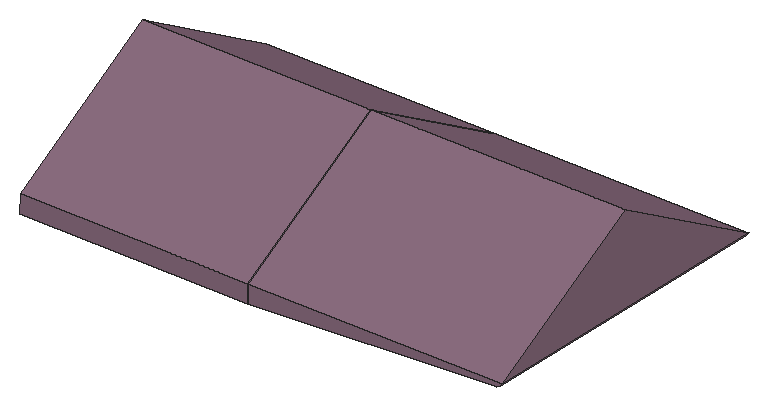
Revit family "NBS_TapcoRoofingProducts_RcnstttdSltCrsngFitngs_TapcoSlate_ClassicRidgeEndCap", category Generic Models, Revit 2019
Family settings
  Can host rebar = No
  Round Connector Dimension = Use Diameter
  Part Type = Normal
  Cut with Voids When Loaded = No
  Shared = No
  Room Calculation Point = No
Parameters (values of type "TapcoSlate_ClassicRidgeEndCap_706Plum_30To34DegPitch")
  WarrantyStartDate [instance] = "1900-12-31T23:59:59"
  WarrantyGuarantorParts = "n/a"
  WarrantyGuarantorLabor = "n/a"
  WarrantyDurationUnit = "year"
  WarrantyDurationParts = "n/a"
  WarrantyDurationLabor = "n/a"
  WarrantyDescription = "40-years"
  Version = "1"  # constant formula
  Uniclass2015Version = "Products v1.20"
  Uniclass2015Title = "Reconstituted slate coursing fittings"
  Uniclass2015Code = "Pr_25_93_72_73"
  ThermalTransmittance = 0
  TagNumber [instance] = "n/a"
  SustainabilityPerformance = "n/a"
  SurfaceSpreadOfFlame = "n/a"
  Status = "UNSET"
  Size = "70 x 445 x 290 mm"
  Shape = "Rectangular"
  SerialNumber [instance] = "n/a"
  Revision = "n/a"
  ReplacementCost = "n/a"
  Reference = "n/a"
  ProductInformation = "https://www.tapcoroofingproducts.com/product/tapcoslate-classic-ridge-end-cap/"
  PitchRange = "30° - 34°"
  NominalWidth = 290 mm
  NominalLength = 445 mm
  NominalHeight = 70 mm
  Name = "ReconstitutedSlatesCoursingFittings_TapcoSlate_ClassicRidgeEndCap_706Plum_30To34DegPitch_TapcoRoofingProducts"
  NBSReference = "45-80-90/388"
  NBSDescription = "Reconstituted slates coursing fittings"
  NBSCertification = "www.nationalbimlibrary.com/cert/mlktdb3y"
  ModelReference = "TapcoSlate_ClassicRidgeEndCap_706Plum_30To34DegPitch"
  ModelNumber = "706"
  Material = "Virgin limestone, polypropylene"
  ManufacturerURL = "www.tapcoroofingproducts.com"
  ManufacturerName = "Tapco Roofing Products"  # constant formula
  Manufacturer = "international@tapcoint.com"
  built-in parameter 1001306 [instance] = 445 mm  # constant formula
  IsExternal = yes
  InstallationDate [instance] = "1900-12-31T23:59:59"
  IfcExportType = "ROOFING"  # constant formula
  IfcExportAs = "IfcCoveringType"  # constant formula
  Grade = "n/a"
  FragilityRating = "n/a"
  FlammabilityRating = "BS476 Part 3, Boarded Roof SAA, Battened Roof SAC"
  Fittings = "n/a"
  FireRating = "BS476 Part 3, Boarded Roof SAA, Battened Roof SAC"
  Finish = "n/a"
  Features = "Lightweight – as low as 12 kg per square metre, easy to install with pre-marked nailing guides and spacers, easily cut with a fine-toothed saw or sharp utility blade, mechanically fixed"
  ExpectedLife = "80+ years"
  EndCapPitchAngle = 30.00°
  DurationUnit = "year"
  Description = "A dry-fix ridge 90° end cap to weather seal and finish the roof line at the end of the ridge, manufactured in the same material as our Tapco Slate Classic product to match the roof slate"
  Constituents = "n/a"
  Combustible = yes
  Colour = "Plum"
  Color = "Plum"
  CodePerformance = "Fully tested to BBA, ETA and CE standards"
  ClassicRidgeEndCapMaterial = NBS_TapcoRoofingProducts_Slate_706Plum
  ClassicRidgeEndCapHeight = 98 mm  # constant formula
  Category = "Pr_25_93_72_73:Reconstituted slate coursing fittings"
  BarCode [instance] = "n/a"
  BIMObjectName = "NBS_TapcoRoofingProducts_ReconstitutedSlatesCoursingFittings_TapcoSlate_ClassicRidgeEndCap_706Plum_30To34DegPitch"
  Author = "NBS"  # constant formula
  AssetType = "Fixed"
  AssetIdentifier [instance] = "n/a"
  Applications = "Suitable for Tapco Slate Classic and Tapco Slate Classic Ridge and Hip Caps"
  AcousticRating = "n/a"
  AccessibilityPerformance = "n/a"
Types (16, lengths in mm): name | PitchRange | Name | ModelReference | ModelNumber | EndCapPitchAngle | Colour | Color | ClassicRidgeEndCapMaterial | BIMObjectName
  (no name) | "35° - 40°" | "ReconstitutedSlatesCoursingFittings_TapcoSlate_ClassicRidgeEndCap_712ChestnutBrown_35To40DegPitch_TapcoRoofingProducts" | "TapcoSlate_ClassicRidgeEndCap_712ChestnutBrown_35To40DegPitch" | "712" | 35.00° | "Chestnut brown" | "Chestnut brown" | NBS_TapcoRoofingProducts_Slate_712ChestnutBrown | "NBS_TapcoRoofingProducts_ReconstitutedSlatesCoursingFittings_TapcoSlate_ClassicRidgeEndCap_712ChestnutBrown_35To40DegPitch"
  TapcoSlate_ClassicRidgeEndCap_706Plum_35To40DegPitch | "35° - 40°" | "ReconstitutedSlatesCoursingFittings_TapcoSlate_ClassicRidgeEndCap_706Plum_35To40DegPitch_TapcoRoofingProducts" | "TapcoSlate_ClassicRidgeEndCap_706Plum_35To40DegPitch" | "706" | 35.00° | "Plum" | "Plum" | NBS_TapcoRoofingProducts_Slate_706Plum | "NBS_TapcoRoofingProducts_ReconstitutedSlatesCoursingFittings_TapcoSlate_ClassicRidgeEndCap_706Plum_35To40DegPitch"
  TapcoSlate_ClassicRidgeEndCap_709BrickRed_25To29DegPitch | "25° - 29°" | "ReconstitutedSlatesCoursingFittings_TapcoSlate_ClassicRidgeEndCap_709BrickRed_25To29DegPitch_TapcoRoofingProducts" | "TapcoSlate_ClassicRidgeEndCap_709BrickRed_25To29DegPitch" | "709" | 25.00° | "Brick red" | "Brick red" | NBS_TapcoRoofingProducts_Slate_709BrickRed | "NBS_TapcoRoofingProducts_ReconstitutedSlatesCoursingFittings_TapcoSlate_ClassicRidgeEndCap_709BrickRed_25To29DegPitch"
  TapcoSlate_ClassicRidgeEndCap_804PewterGrey_25To29DegPitch | "25° - 29°" | "ReconstitutedSlatesCoursingFittings_TapcoSlate_ClassicRidgeEndCap_804PewterGrey_25To29DegPitch_TapcoRoofingProducts" | "TapcoSlate_ClassicRidgeEndCap_804PewterGrey_25To29DegPitch" | "804" | 25.00° | "Pewter grey" | "Pewter grey" | NBS_TapcoRoofingProducts_Slate_804PewterGrey | "NBS_TapcoRoofingProducts_ReconstitutedSlatesCoursingFittings_TapcoSlate_ClassicRidgeEndCap_804PewterGrey_25To29DegPitch"
  TapcoSlate_ClassicRidgeEndCap_804PewterGrey30To34DegPitch | "30° - 34°" | "ReconstitutedSlatesCoursingFittings_TapcoSlate_ClassicRidgeEndCap_804PewterGrey30To34DegPitch_TapcoRoofingProducts" | "TapcoSlate_ClassicRidgeEndCap_804PewterGrey30To34DegPitch" | "804" | 30.00° | "Pewter grey" | "Pewter grey" | NBS_TapcoRoofingProducts_Slate_804PewterGrey | "NBS_TapcoRoofingProducts_ReconstitutedSlatesCoursingFittings_TapcoSlate_ClassicRidgeEndCap_804PewterGrey30To34DegPitch"
  TapcoSlate_ClassicRidgeEndCap_804PewterGrey35To40DegPitch | "35° - 40°" | "ReconstitutedSlatesCoursingFittings_TapcoSlate_ClassicRidgeEndCap_804PewterGrey35To40DegPitch_TapcoRoofingProducts" | "TapcoSlate_ClassicRidgeEndCap_804PewterGrey35To40DegPitch" | "804" | 35.00° | "Pewter grey" | "Pewter grey" | NBS_TapcoRoofingProducts_Slate_804PewterGrey | "NBS_TapcoRoofingProducts_ReconstitutedSlatesCoursingFittings_TapcoSlate_ClassicRidgeEndCap_804PewterGrey35To40DegPitch"
  TapcoSlate_ClassicRidgeEndCap_809RedRock_25To29DegPitch | "25° - 29°" | "ReconstitutedSlatesCoursingFittings_TapcoSlate_ClassicRidgeEndCap_809RedRock_25To29DegPitch_TapcoRoofingProducts" | "TapcoSlate_ClassicRidgeEndCap_809RedRock_25To29DegPitch" | "809" | 25.00° | "Red rock" | "Red rock" | NBS_TapcoRoofingProducts_Slate_809RedRock | "NBS_TapcoRoofingProducts_ReconstitutedSlatesCoursingFittings_TapcoSlate_ClassicRidgeEndCap_809RedRock_25To29DegPitch"
  TapcoSlate_ClassicRidgeEndCap_809RedRock_30To34DegPitch | "30° - 34°" | "ReconstitutedSlatesCoursingFittings_TapcoSlate_ClassicRidgeEndCap_809RedRock_30To34DegPitch_TapcoRoofingProducts" | "TapcoSlate_ClassicRidgeEndCap_809RedRock_30To34DegPitch" | "809" | 30.00° | "Red rock" | "Red rock" | NBS_TapcoRoofingProducts_Slate_809RedRock | "NBS_TapcoRoofingProducts_ReconstitutedSlatesCoursingFittings_TapcoSlate_ClassicRidgeEndCap_809RedRock_30To34DegPitch"
  TapcoSlate_ClassicRidgeEndCap_809RedRock_35To40DegPitch | "35° - 40°" | "ReconstitutedSlatesCoursingFittings_TapcoSlate_ClassicRidgeEndCap_809RedRock_35To40DegPitch_TapcoRoofingProducts" | "TapcoSlate_ClassicRidgeEndCap_809RedRock_35To40DegPitch" | "809" | 35.00° | "Red rock" | "Red rock" | NBS_TapcoRoofingProducts_Slate_809RedRock | "NBS_TapcoRoofingProducts_ReconstitutedSlatesCoursingFittings_TapcoSlate_ClassicRidgeEndCap_809RedRock_35To40DegPitch"
  TapcoSlate_ClassicRidgeEndCap_706Plum_25To29DegPitch | "25° - 29°" | "ReconstitutedSlatesCoursingFittings_TapcoSlate_ClassicRidgeEndCap_706Plum_25To29DegPitch_TapcoRoofingProducts" | "TapcoSlate_ClassicRidgeEndCap_706Plum_25To29DegPitch" | "706" | 25.00° | "Plum" | "Plum" | NBS_TapcoRoofingProducts_Slate_706Plum | "NBS_TapcoRoofingProducts_ReconstitutedSlatesCoursingFittings_TapcoSlate_ClassicRidgeEndCap_706Plum_25To29DegPitch"
  TapcoSlate_ClassicRidgeEndCap_706Plum_30To34DegPitch | "30° - 34°" | "ReconstitutedSlatesCoursingFittings_TapcoSlate_ClassicRidgeEndCap_706Plum_30To34DegPitch_TapcoRoofingProducts" | "TapcoSlate_ClassicRidgeEndCap_706Plum_30To34DegPitch" | "706" | 30.00° | "Plum" | "Plum" | NBS_TapcoRoofingProducts_Slate_706Plum | "NBS_TapcoRoofingProducts_ReconstitutedSlatesCoursingFittings_TapcoSlate_ClassicRidgeEndCap_706Plum_30To34DegPitch"
  TapcoSlate_ClassicRidgeEndCap_709BrickRed_30To34DegPitch | "30° - 34°" | "ReconstitutedSlatesCoursingFittings_TapcoSlate_ClassicRidgeEndCap_709BrickRed_30To34DegPitch_TapcoRoofingProducts" | "TapcoSlate_ClassicRidgeEndCap_709BrickRed_30To34DegPitch" | "709" | 30.00° | "Brick red" | "Brick red" | NBS_TapcoRoofingProducts_Slate_709BrickRed | "NBS_TapcoRoofingProducts_ReconstitutedSlatesCoursingFittings_TapcoSlate_ClassicRidgeEndCap_709BrickRed_30To34DegPitch"
  TapcoSlate_ClassicRidgeEndCap_709BrickRed_35To40DegPitch | "35° - 40°" | "ReconstitutedSlatesCoursingFittings_TapcoSlate_ClassicRidgeEndCap_709BrickRed_35To40DegPitch_TapcoRoofingProducts" | "TapcoSlate_ClassicRidgeEndCap_709BrickRed_35To40DegPitch" | "709" | 35.00° | "Brick red" | "Brick red" | NBS_TapcoRoofingProducts_Slate_709BrickRed | "NBS_TapcoRoofingProducts_ReconstitutedSlatesCoursingFittings_TapcoSlate_ClassicRidgeEndCap_709BrickRed_35To40DegPitch"
  TapcoSlate_ClassicRidgeEndCap_712ChestnutBrown_25To29DegPitch | "25° - 29°" | "ReconstitutedSlatesCoursingFittings_TapcoSlate_ClassicRidgeEndCap_712ChestnutBrown_25To29DegPitch_TapcoRoofingProducts" | "TapcoSlate_ClassicRidgeEndCap_712ChestnutBrown_25To29DegPitch" | "712" | 25.00° | "Chestnut brown" | "Chestnut brown" | NBS_TapcoRoofingProducts_Slate_712ChestnutBrown | "NBS_TapcoRoofingProducts_ReconstitutedSlatesCoursingFittings_TapcoSlate_ClassicRidgeEndCap_712ChestnutBrown_25To29DegPitch"
  TapcoSlate_ClassicRidgeEndCap_712ChestnutBrown_30To34DegPitch | "30° - 34°" | "ReconstitutedSlatesCoursingFittings_TapcoSlate_ClassicRidgeEndCap_712ChestnutBrown_30To34DegPitch_TapcoRoofingProducts" | "TapcoSlate_ClassicRidgeEndCap_712ChestnutBrown_30To34DegPitch" | "712" | 30.00° | "Chestnut brown" | "Chestnut brown" | NBS_TapcoRoofingProducts_Slate_712ChestnutBrown | "NBS_TapcoRoofingProducts_ReconstitutedSlatesCoursingFittings_TapcoSlate_ClassicRidgeEndCap_712ChestnutBrown_30To34DegPitch"
  TapcoSlate_ClassicRidgeEndCap_712ChestnutBrown_35To40DegPitch | "35° - 40°" | "ReconstitutedSlatesCoursingFittings_TapcoSlate_ClassicRidgeEndCap_712ChestnutBrown_35To40DegPitch_TapcoRoofingProducts" | "TapcoSlate_ClassicRidgeEndCap_712ChestnutBrown_35To40DegPitch" | "712" | 35.00° | "Chestnut brown" | "Chestnut brown" | NBS_TapcoRoofingProducts_Slate_712ChestnutBrown | "NBS_TapcoRoofingProducts_ReconstitutedSlatesCoursingFittings_TapcoSlate_ClassicRidgeEndCap_712ChestnutBrown_35To40DegPitch"
Reference planes
  plane 1 "Center (Front/Back)": y = 0
  plane 2: z = 0
  plane 3 "Left": x = 0
  plane 4 "Right": x = 445
  plane 5: x = 210
  plane 6 "Center L/S": z = 0
  plane 7: z = -98
Forms (mm)
  Extrusion 1, solid, material "NBS_TapcoRoofingProducts_Slate_706Plum" <- "ClassicRidgeEndCapMaterial", detail levels coarse
    sketch origin (0, 0, -98) x (0, 1, 0) y (0, 0, 1)
      loop
        line (0, 98) -> (-141.162, 16.5) -> (-141.162, 0) -> (141.162, 0) -> (141.162, 16.5) -> (0, 98)
    from 0 to 445
  Extrusion 2, solid, material "NBS_TapcoRoofingProducts_Slate_706Plum" <- "ClassicRidgeEndCapMaterial", detail levels medium+fine
    sketch origin (0, 0, -98) x (0, 1, 0) y (0, 0, 1)
      loop
        line (0, 98) -> (-141.162, 16.5) -> (-141.162, 0) -> (141.162, 0) -> (141.162, 16.5) -> (0, 98)
    from 0 to 210
  Extrusion 3, solid, material "NBS_TapcoRoofingProducts_Slate_706Plum" <- "ClassicRidgeEndCapMaterial", detail levels medium+fine
    sketch origin (0, 0, -98) x (0, 1, 0) y (0, 0, 1)
      loop
        line (0, 98) -> (-141.162, 16.5) -> (-141.162, 0) -> (141.162, 0) -> (141.162, 16.5) -> (0, 98)
    from 210 to 445
  Extrusion 4, void
    sketch origin (0, 0, -98) x (1, 0, 0) y (0, 0, 1)
      loop
        line (210, -0.004) -> (210, -13.534) -> (458.194, -13.534) -> (458.194, 16.466) -> (445, 16.466)
        arc (445, 16.466) -> (441.868, 13.207) -> (437.554, 11.858) r 9.098
        line (437.554, 11.858) -> (210, -0.004)
    from -178.504 to 195.084
Cuts and joins
  Extrusion 4 cuts Extrusion 1
  Extrusion 4 cuts Extrusion 3
Lines and regions (mm)
  reference lines
    curve 1: line (0, 0, 0) -> (445, 0, 0)
    curve 2: line (0, 0, 0) -> (0, -141.162, -81.5)
    curve 3: line (0, 0, 0) -> (0, 141.162, -81.5)
    curve 4: line (0, 141.162, -81.5) -> (0, 141.162, -98)
    curve 5: line (0, 141.162, -98) -> (0, -141.162, -98)
    curve 6: line (0, -141.162, -81.5) -> (0, -141.162, -98)
Dimensions and locks
  "built-in parameter 1001306": plane 3 "Left" to plane 4 "Right"
  locked: plane 3 "Left" to plane 5 at 210
  curve 3 to curve 3 = 163 mm
  curve 2 to curve 2 = 163 mm
  locked: plane 7 to plane 6 "Center L/S" at 98
  "EndCapPitchAngle": angle curve 2 to plane 6 "Center L/S"
  "EndCapPitchAngle": angle plane 6 "Center L/S" to curve 3
  aligned and locked: plane 4 "Right" to curve 1
  aligned and locked: plane 1 "Center (Front/Back)" to curve 1
  aligned and locked: plane 3 "Left" to curve 1
  aligned and locked: level to plane 2
  aligned and locked: curve 6 to curve 6
  aligned and locked: curve 4 to curve 5
  aligned and locked: Extrusion 1 sketch curve to curve 3
  aligned and locked: Extrusion 1 sketch curve to curve 2
  aligned and locked: Extrusion 1 sketch curve to curve 6
  aligned and locked: Extrusion 1 sketch curve to curve 4
  aligned and locked: Extrusion 1 sketch curve to curve 5
  aligned and locked: Extrusion 2 sketch curve to curve 3
  aligned and locked: Extrusion 2 sketch curve to curve 2
  aligned and locked: Extrusion 2 sketch curve to curve 6
  aligned and locked: Extrusion 2 sketch curve to curve 5
  aligned and locked: Extrusion 2 sketch curve to curve 4
  aligned and locked: Extrusion 3 sketch curve to curve 3
  aligned and locked: Extrusion 3 sketch curve to curve 2
  aligned and locked: Extrusion 3 sketch curve to curve 5
  aligned and locked: Extrusion 3 sketch curve to curve 6
  aligned and locked: Extrusion 3 sketch curve to curve 4
  aligned and locked: plane 7 to curve 5
Automatic sketch dimensions
  plane 5 to Extrusion 4 sketch curve = 0 mm
  Extrusion 4 sketch curve to plane 4 "Right" = 0 mm
  Extrusion 4 sketch curve to plane 4 "Right" = 7.92 mm
  Extrusion 4 sketch curve to plane 4 "Right" = 7.446 mm
  plane 4 "Right" to Extrusion 4 sketch curve = 13.194 mm
  Extrusion 4 sketch curve to level = 111.534 mm
  Extrusion 4 sketch curve to Extrusion 4 sketch curve = 13.53 mm
  Extrusion 4 sketch curve to Extrusion 4 sketch curve = 25.392 mm
  Extrusion 4 sketch curve to Extrusion 4 sketch curve = 4.608 mm
  curve 3 to level = 0 mm
  curve 3 to plane 1 "Center (Front/Back)" = 0 mm
